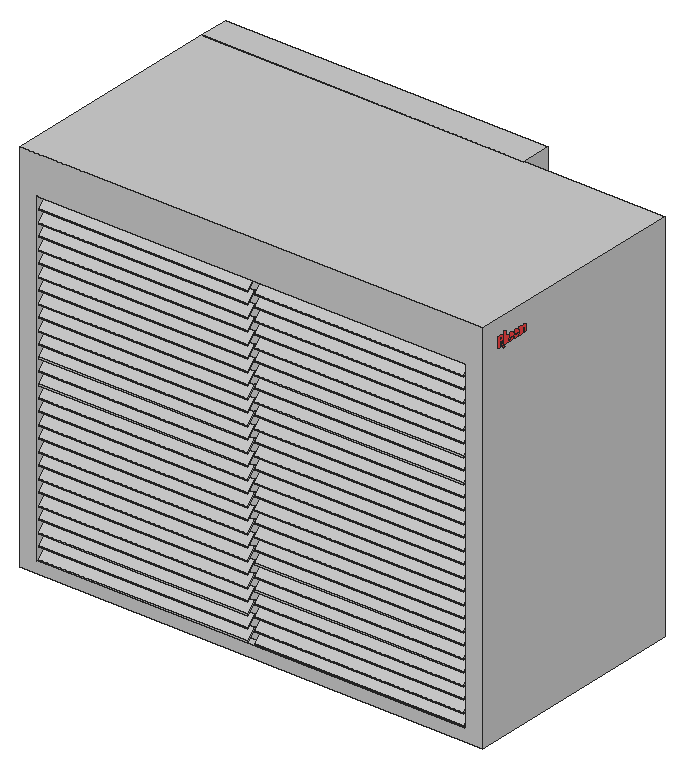
Revit family (continued)
Connectors
  electrical at (575, 174.5, 623.977)
    settings: on Extrusion 9, index 7, voltage 0 V, apparent load 0 VA, apparent load phase1 0 VA, apparent load phase2 0 VA, apparent load phase3 0 VA, power factor 1, load classification "Other", number of poles 1, system type 30, power factor state 1, is connector primary no, connector utility no, sub classification motor no, connector description ""
  electrical at (575, 174.5, 598.977)
    settings: on Extrusion 11, index 8, voltage 0 V, apparent load 0 VA, apparent load phase1 0 VA, apparent load phase2 0 VA, apparent load phase3 0 VA, power factor 1, load classification "Other", number of poles 1, system type 30, power factor state 1, is connector primary no, connector utility no, sub classification motor no, connector description ""
Definition of nested family "Rheem Logo"
  Parameters (values of type "Rheem Logo")
    Default Elevation = 1219.2 mm
    Assembly Code = ""
  Reference planes
    plane 1 "Center (Front/Back)": y = 0
    plane 2: z = 0
    plane 3 "Center (Left/Right)": x = 0
  Forms (mm)
    Extrusion 1, solid
      sketch origin (0, 0, 0) x (1, 0, 0) y (0, 1, 0)
        loop
          line (-1219.2, 1219.2) -> (-1219.2, -1219.2) -> (1219.2, -1219.2) -> (1219.2, 1219.2) -> (-1219.2, 1219.2)
      from 0 to -304.8
    Extrusion 2, solid, material "Rheem - Red"
      sketch origin (0, 0, 0) x (1, 0, 0) y (0, 1, 0)
        loop
          line (-41.894, 1.214) -> (-38.082, 1.214) -> (-38.082, 21.599) -> (-32.234, 21.599)
          arc (-32.234, 21.599) -> (-29.693, 18.062) -> (-32.234, 14.524) r 3.733
          line (-32.234, 14.524) -> (-37.193, 14.524) -> (-25.503, -6.017) -> (-21.057, -6.017) -> (-31.586, 12.168)
          arc (-31.586, 12.168) -> (-27.821, 13.513) -> (-25.921, 17.03) r 5.582
          arc (-25.921, 17.03) -> (-25.719, 18.742) -> (-25.921, 20.454) r 7.357
          arc (-25.921, 20.454) -> (-28.207, 24.104) -> (-32.234, 25.629) r 6.75
          line (-32.234, 25.629) -> (-41.894, 25.629) -> (-41.894, 1.214)
        loop
          line (-23.226, 1.185) -> (-19.437, 1.185) -> (-19.437, 13.012)
          arc (-19.437, 13.012) -> (-19.128, 14.152) -> (-18.458, 15.124) r 3.499
          arc (-18.458, 15.124) -> (-15.383, 15.705) -> (-13.789, 13.012) r 2.726
          line (-13.789, 13.012) -> (-13.789, 1.24) -> (-10.243, 1.24) -> (-10.243, 15.292)
          arc (-10.243, 15.292) -> (-11.786, 18.511) -> (-15.149, 19.709) r 4.688
          arc (-15.149, 19.709) -> (-17.647, 19.107) -> (-19.481, 17.308) r 4.826
          line (-19.481, 17.308) -> (-19.481, 30.829) -> (-23.226, 30.829) -> (-23.226, 1.185)
        loop
          line (23.175, 1.163) -> (26.995, 1.163) -> (26.995, 13.552)
          spline (26.995, 13.552) -> (27.371, 14.564) -> (27.804, 15.069) -> (28.281, 15.418) -> (28.811, 15.632) -> (29.379, 15.725) -> (29.95, 15.717) -> (30.497, 15.616) -> (30.99, 15.417) -> (31.391, 15.11) -> (31.695, 14.668) -> (31.964, 14.008) -> (32.183, 12.765)
          line (32.183, 12.765) -> (32.183, 1.163) -> (35.718, 1.163) -> (35.718, 13.552)
          spline (35.718, 13.552) -> (36.109, 14.517) -> (36.554, 15.006) -> (37.052, 15.326) -> (37.59, 15.559) -> (38.152, 15.707) -> (38.721, 15.73) -> (39.268, 15.631) -> (39.76, 15.428) -> (40.161, 15.119) -> (40.465, 14.673) -> (40.735, 14.008) -> (40.954, 12.758)
          line (40.954, 12.758) -> (40.954, 1.163) -> (44.476, 1.163) -> (44.476, 15.299)
          spline (44.476, 15.299) -> (43.848, 17.29) -> (43.019, 18.22) -> (42.37, 18.702) -> (41.804, 19.017) -> (41.149, 19.264) -> (40.313, 19.428) -> (39.374, 19.465) -> (38.467, 19.368) -> (37.722, 19.168) -> (37.096, 18.83) -> (36.406, 18.243) -> (35.372, 17.031)
          spline (35.372, 17.031) -> (34.429, 18.123) -> (33.829, 18.62) -> (33.238, 18.972) -> (32.579, 19.243) -> (31.849, 19.438) -> (31.208, 19.538) -> (30.654, 19.537) -> (29.928, 19.446) -> (29.163, 19.24) -> (28.532, 18.893) -> (27.886, 18.393) -> (26.982, 17.161)
          line (26.982, 17.161) -> (26.982, 19.137) -> (23.175, 19.137) -> (23.175, 1.163)
        loop
          line (-4.847, 12.542) -> (2.427, 12.542)
          spline (2.427, 12.542) -> (1.763, 14.183) -> (1.301, 14.891) -> (0.805, 15.438) -> (0.245, 15.904) -> (-0.324, 16.216) -> (-1.038, 16.34) -> (-1.827, 16.292) -> (-2.465, 16.063) -> (-2.917, 15.675) -> (-3.427, 15.167) -> (-4.048, 14.327) -> (-4.847, 12.542)
        loop
          line (-4.9, 9.047) -> (6.017, 9.047)
          spline (6.017, 9.047) -> (5.705, 13.107) -> (4.905, 15.268) -> (3.688, 17.194) -> (1.99, 18.63) -> (-0.152, 19.603) -> (-2.058, 19.605) -> (-4.184, 18.763) -> (-5.86, 17.359) -> (-7.198, 15.418) -> (-8.007, 13.176) -> (-8.32, 10.92) -> (-7.964, 7.03)
          spline (-7.964, 7.03) -> (-6.832, 4.362) -> (-5.715, 2.918) -> (-4.556, 1.919) -> (-3.443, 1.286) -> (-2.241, 0.913) -> (-0.925, 0.787) -> (0.345, 0.947) -> (1.513, 1.391) -> (2.668, 2.062) -> (3.767, 2.962) -> (4.809, 4.177) -> (5.833, 6.548)
          line (5.833, 6.548) -> (2.04, 6.548)
          spline (2.04, 6.548) -> (1.056, 5.131) -> (0.367, 4.642) -> (-0.297, 4.355) -> (-0.96, 4.223) -> (-1.562, 4.241) -> (-2.284, 4.517) -> (-3.007, 4.961) -> (-3.495, 5.411) -> (-3.891, 5.947) -> (-4.296, 6.68) -> (-4.648, 7.691) -> (-4.9, 9.047)
        loop
          line (10.749, 12.229) -> (18.023, 12.229)
          spline (18.023, 12.229) -> (17.358, 13.871) -> (16.897, 14.578) -> (16.4, 15.125) -> (15.841, 15.591) -> (15.271, 15.904) -> (14.557, 16.027) -> (13.768, 15.979) -> (13.131, 15.75) -> (12.679, 15.363) -> (12.168, 14.855) -> (11.547, 14.015) -> (10.749, 12.229)
        loop
          line (10.735, 9.008) -> (21.652, 9.008)
          spline (21.652, 9.008) -> (21.34, 13.068) -> (20.54, 15.228) -> (19.323, 17.155) -> (17.625, 18.591) -> (15.482, 19.564) -> (13.577, 19.566) -> (11.45, 18.724) -> (9.775, 17.319) -> (8.437, 15.379) -> (7.627, 13.137) -> (7.315, 10.881) -> (7.671, 6.991)
          spline (7.671, 6.991) -> (8.803, 4.323) -> (9.919, 2.879) -> (11.079, 1.88) -> (12.192, 1.247) -> (13.394, 0.874) -> (14.71, 0.748) -> (15.98, 0.908) -> (17.147, 1.352) -> (18.303, 2.023) -> (19.402, 2.923) -> (20.444, 4.138) -> (21.468, 6.509)
          line (21.468, 6.509) -> (17.675, 6.509)
          spline (17.675, 6.509) -> (16.691, 5.092) -> (16.002, 4.603) -> (15.338, 4.316) -> (14.675, 4.184) -> (14.073, 4.202) -> (13.351, 4.478) -> (12.627, 4.922) -> (12.14, 5.371) -> (11.743, 5.908) -> (11.339, 6.641) -> (10.986, 7.652) -> (10.735, 9.008)
      from 0 to 2
  Dimensions and locks
    aligned and locked: plane 2 to Extrusion 1
    aligned and locked: level to Extrusion 1
